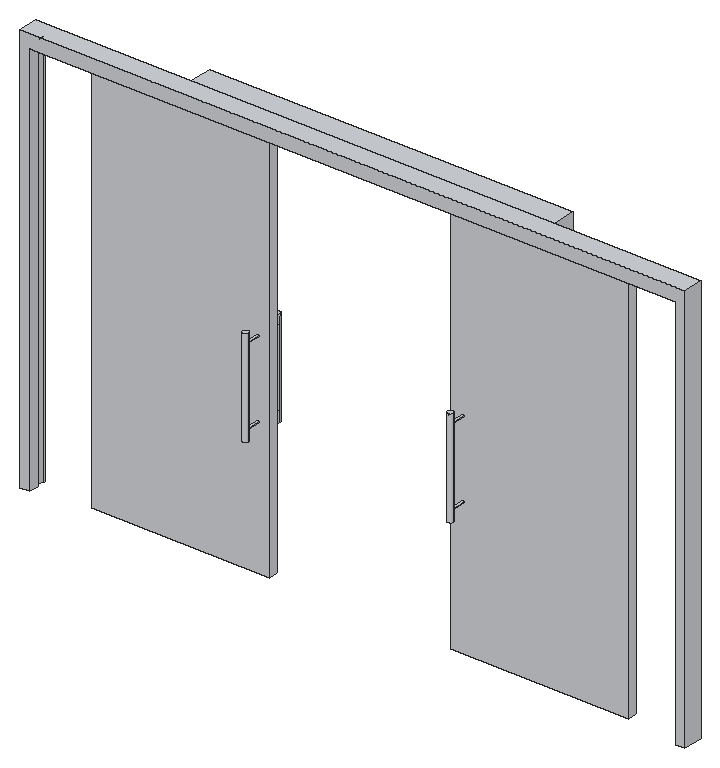
Revit family "Porta de correr sem revestimento - 2 Painéis com painel", category Portas, Revit 2019
Family settings
  Hospedeiro = Parede
  Número OmniClass = 23.30.10.00
  Título OmniClass = Doors
  Sempre na vertical = Sim
  Corte com vazios quando carregada = Não
  Compartilhado = Não
  Ponto de cálculo do ambiente = Não
Parameters (values of type "920 x 2100mm")
  Visual Light Transmittance = 0
  Espessura da apara = 100 mm
  Material da apara = none
  Espessura = 45 mm
  Solar Heat Gain Coefficient = 0
  Material deslizante = none
  Rough Width = Width  # 1880 mm
  Rough Height = Height  # 2100 mm
  Largura do painel = (Width - 40 mm) / 2  # 920 mm
  Material do painel = none
  ID do tipo de construção = ""
  Coeficiente de transferência de calor (U) = 3.7021 W/(m²·K)
  Material do puxador = none
  Função = Interior
  Height = 2100 mm
  Fechamento da parede = Por hospedeiro
  Width = 1880 mm
  Largura da estrutura = 50 mm
  Material da moldura = none
  Largura estendida = Largura do painel - 190 mm  # 730 mm
  Construção analítica = Metal
Types (5, lengths in mm): name | Espessura da apara | Rough Width | Largura do painel | Width | Largura estendida
  (no name) | 100 | 1880 | 920 | 1880 | 730
  620 x 2100mm | 108.355 | 1280 | 620 | 1280 | 430
  720 x 2100mm | 108.355 | 1480 | 720 | 1480 | 530
  820 x 2100mm | 108.355 | 1680 | 820 | 1680 | 630
  920 x 2100mm | 100 | 1880 | 920 | 1880 | 730
Reference planes
  plane 1 "Centro (Frente/Trás)": y = 0
  plane 2 "Centro (Esquerda/Direita)": x = 0
  plane 3 "Esquerda": x = -940
  plane 4 "Direita": x = 940
  plane 5: z = 2100
  plane 6 "Exterior": y = 75
  plane 7 "Interior": y = -75
  plane 8: z = 0
  plane 9: z = 1050
  plane 10: y = -80
  plane 11: y = -125
  plane 12: x = 920
  plane 13: z = 2150
  plane 14: x = 1670
  plane 15: x = -1670
  plane 16: x = -470
  plane 17: x = 470
  plane 18: x = 1390
  plane 19: x = -1390
  plane 20: x = -530
  plane 21: x = 530
  plane 22: z = 900
  plane 23: z = 2050
  plane 24: x = 1720
  plane 25: x = -1720
  plane 26: x = -1680
  plane 27: y = -175
  plane 28: x = 1680
  plane 29: z = 2120
  plane 30: y = -175
  plane 31: x = -890
  plane 32: x = -1077.5
  plane 33: x = -802.5
  plane 34: through (-1077.5, -300, 1050) normal (-0.5, 0, 0.866)
  plane 35: through (-1077.5, -300, 1050) normal (0.5, 0, 0.866)
  plane 36: x = 1077.5
  plane 37: x = 802.5
  plane 38: through (1077.5, -300, 1050) normal (-0.5, 0, -0.866)
  plane 39: through (1077.5, -300, 1050) normal (0.5, 0, -0.866)
Forms (mm)
  Extrusion 1, solid, material <- "Material do painel", detail levels fine
    sketch origin (0, 0, 0) x (1, 0, 0) y (0, 1, 0)
      loop
        line (470, -80) -> (470, -125) -> (1390, -125) -> (1390, -80) -> (470, -80)
    from 0 to 2050
  Extrusion 2, solid, material <- "Material do painel", detail levels medium+fine
    sketch origin (0, 0, 0) x (1, 0, 0) y (0, 1, 0)
      loop
        line (-470, -80) -> (-1390, -80) -> (-1390, -125) -> (-470, -125) -> (-470, -80)
    from 0 to 2050
  Extrusion 3, solid, material <- "Material do painel", detail levels coarse+medium
    sketch origin (0, 0, 0) x (1, 0, 0) y (0, 1, 0)
      loop
        line (-1390, -75) -> (-1390, -125) -> (-470, -125) -> (-470, -75) -> (-1390, -75)
    from 0 to 2100
  Extrusion 4, solid, material <- "Material do painel", detail levels coarse+medium
    sketch origin (0, 0, 0) x (1, 0, 0) y (0, 1, 0)
      loop
        line (470, -75) -> (470, -125) -> (1390, -125) -> (1390, -75) -> (470, -75)
    from 0 to 2100
  Extrusion 5, solid, material <- "Material da moldura", detail levels fine
    sketch origin (0, 0, 0) x (1, 0, 0) y (0, 1, 0)
      loop
        line (-1670, -75) -> (-1720, -75) -> (-1720, -175) -> (-1670, -175) -> (-1670, -125) -> (-1680, -125) -> (-1680, -80) -> (-1670, -80) -> (-1670, -75)
    from 0 to 2100
  Extrusion 6, solid, material <- "Material da moldura", detail levels fine
    sketch origin (0, 0, 0) x (-1, 0, 0) y (0, -1, 0)
      loop
        line (-1670, 75) -> (-1670, 80) -> (-1680, 80) -> (-1680, 125) -> (-1670, 125) -> (-1670, 175) -> (-1720, 175) -> (-1720, 75) -> (-1670, 75)
    from 0 to 2100
  Sweep 7, solid, material <- "Material da moldura", detail levels fine
    path origin (0, 0, 0) x (1, 0, 0) y (0, 1, 0)
      loop
        line (-1720, -80) -> (1720, -80)
    profile origin (0, -80, 0) x (0, 1, 0) y (0, 0, 1)
      loop
        line (5, 2050) -> (5, 2120) -> (-95, 2120) -> (-95, 2050) -> (-45, 2050) -> (-45, 2100) -> (0, 2100) -> (0, 2050) -> (5, 2050)
  Sweep 8, solid, material <- "Material deslizante", detail levels fine
    path origin (0, 0, 2100) x (0, -1, 0) y (1, 0, 0)
      loop
        line (80, -1680) -> (80, 1680)
    profile "Perfil_Deslizante : Perfil_Deslizante" origin (0, -80, 2100) x (0, 1, 0) y (0, 0, 1)
      loop
        line (-15.292, -40) -> (-4.5, -40) -> (-4.5, -5) -> (-39.5, -5) -> (-39.5, -40) -> (-28.708, -40)
        arc (-28.708, -40) -> (-25.998, -38.877) -> (-24.875, -36.167) r 3.833
        line (-24.875, -36.167) -> (-26.875, -36.167)
        arc (-26.875, -36.167) -> (-27.914, -37.819) -> (-29.854, -37.598) r 1.833
        arc (-29.854, -37.598) -> (-30.375, -37) -> (-30.896, -37.598) r 0.526
        arc (-30.896, -37.598) -> (-31.434, -37.897) -> (-32.042, -38) r 1.833
        line (-32.042, -38) -> (-37.5, -38) -> (-37.5, -7) -> (-6.5, -7) -> (-6.5, -38) -> (-11.958, -38)
        arc (-11.958, -38) -> (-12.566, -37.897) -> (-13.104, -37.598) r 1.833
        spline (-13.104, -37.598) -> (-13.105, -37.449) -> (-13.148, -37.306) -> (-13.229, -37.18) -> (-13.342, -37.083) -> (-13.477, -37.021) -> (-13.625, -37) -> (-13.773, -37.021) -> (-13.908, -37.083) -> (-14.021, -37.18) -> (-14.102, -37.306) -> (-14.145, -37.449) -> (-14.146, -37.598)
        arc (-14.146, -37.598) -> (-16.086, -37.819) -> (-17.125, -36.167) r 1.833
        line (-17.125, -36.167) -> (-19.125, -36.167)
        arc (-19.125, -36.167) -> (-18.002, -38.877) -> (-15.292, -40) r 3.833
      loop
        arc (-27.875, -14.083) -> (-28.708, -13.25) -> (-29.542, -14.083) r 0.833
        arc (-29.542, -14.083) -> (-30.375, -14.917) -> (-31.208, -14.083) r 0.833
        arc (-31.208, -14.083) -> (-32.042, -13.25) -> (-32.875, -14.083) r 0.833
        line (-32.875, -14.083) -> (-32.875, -36.167)
        arc (-32.875, -36.167) -> (-32.042, -37) -> (-31.208, -36.167) r 0.833
        arc (-31.208, -36.167) -> (-30.375, -35.333) -> (-29.542, -36.167) r 0.833
        arc (-29.542, -36.167) -> (-28.708, -37) -> (-27.875, -36.167) r 0.833
        line (-27.875, -36.167) -> (-27.875, -26.25) -> (-23.25, -26.25) -> (-23.25, -50) -> (-20.75, -50) -> (-20.75, -26.25) -> (-16.125, -26.25) -> (-16.125, -36.167)
        arc (-16.125, -36.167) -> (-15.292, -37) -> (-14.458, -36.167) r 0.833
        arc (-14.458, -36.167) -> (-13.625, -35.333) -> (-12.792, -36.167) r 0.833
        arc (-12.792, -36.167) -> (-11.958, -37) -> (-11.125, -36.167) r 0.833
        line (-11.125, -36.167) -> (-11.125, -14.083)
        arc (-11.125, -14.083) -> (-11.958, -13.25) -> (-12.792, -14.083) r 0.833
        arc (-12.792, -14.083) -> (-13.625, -14.917) -> (-14.458, -14.083) r 0.833
        arc (-14.458, -14.083) -> (-15.292, -13.25) -> (-16.125, -14.083) r 0.833
        line (-16.125, -14.083) -> (-16.125, -23.75) -> (-27.875, -23.75) -> (-27.875, -14.083)
  Sweep 9, solid, material <- "Material da moldura", detail levels medium+fine
    path origin (0, 75, 0) x (1, 0, 0) y (0, 0, 1)
      loop
        line (940, 0) -> (940, 2100) -> (-940, 2100) -> (-940, 0)
    profile origin (-940, 75, 1050) x (0, -1, 0) y (1, 0, 0)
      loop
        line (0, 0) -> (150, 0) -> (150, 50) -> (0, 50) -> (0, 0)
  Extrusion 10, solid, material <- "Material da moldura", detail levels medium
    sketch origin (0, 0, 0) x (1, 0, 0) y (0, 1, 0)
      loop
        line (-1720, -75) -> (-1720, -175) -> (-1670, -175) -> (-1670, -75) -> (-1720, -75)
    from 0 to 2100
  Extrusion 11, solid, material <- "Material da moldura", detail levels medium
    sketch origin (0, 0, 0) x (1, 0, 0) y (0, 1, 0)
      loop
        line (1670, -75) -> (1670, -175) -> (1720, -175) -> (1720, -75) -> (1670, -75)
    from 0 to 2100
  Extrusion 12, solid, material <- "Material da moldura", detail levels medium
    sketch origin (0, 0, 0) x (0, 1, 0) y (0, 0, 1)
      loop
        line (-75, 2120) -> (-175, 2120) -> (-175, 2050) -> (-125, 2050) -> (-125, 2100) -> (-80, 2100) -> (-80, 2050) -> (-75, 2050) -> (-75, 2120)
    from -1720 to 1720
Cuts and joins
  joined: Extrusion 5, Extrusion 6, Sweep 7
  joined: Extrusion 10, Extrusion 11, Extrusion 12
Lines and regions (mm)
  Opening 1
    outline origin (-3050, -75, 0) x (1, 0, 0) y (0, 0, 1)
      loop
        line (2110, 0) -> (3990, 0) -> (3990, 2100) -> (2110, 2100) -> (2110, 0)
  symbolic lines, style "Giro da elevação", detail levels medium+fine
    curve 1: line (470, -75, 2050) -> (1390, -75, 0)
    curve 2: line (-470, -75, 2050) -> (-1390, -75, 0)
    curve 3: line (-1389.333, -75, 2050) -> (-470, -75, 0)
    curve 4: line (1390, 75, 2050) -> (470, 75, 0)
  symbolic lines, style "Giro da elevação", detail levels coarse
    curve 5: line (470, 75, 0) -> (1390, 75, 2100)
    curve 6: line (1390, 75, 0) -> (470, 75, 2100)
    curve 7: line (-470, 75, 0) -> (-1390, 75, 2100)
    curve 8: line (-470, 75, 2100) -> (-1390, 75, 0)
  symbolic lines, style "Seta"
    curve 9: line (-1077.5, -75, 1050) -> (-802.5, -75, 1050)
    curve 10: line (-1077.5, -75, 1050) -> (-999.558, -75, 1095)
    curve 11: line (-1077.5, -75, 1050) -> (-999.558, -75, 1005)
    curve 12: line (1077.5, -75, 1050) -> (802.5, -75, 1050)
    curve 13: line (1077.5, -75, 1050) -> (999.558, -75, 1095)
    curve 14: line (1077.5, -75, 1050) -> (999.558, -75, 1005)
Text (mm)
  text "Externo" at (-2295.016, 1099.543, 0), in view "Nível de referência"
  text "Externo" at (0, 1615.38, 3698.081), in view "Esquerda"
  text "Externo" at (0, 1036.032, 3874.932), in view "Direita"
Dimensions and locks
  equal spacing: plane 3 "Esquerda", plane 2 "Centro (Esquerda/Direita)", plane 4 "Direita"
  "Width": plane 3 "Esquerda" to plane 4 "Direita"
  "Height": plane 5 to host wall
  host wall to plane 5 = 2100 mm  (x2)
  locked: plane 6 "Exterior" to host wall at 0
  locked: plane 7 "Interior" to host wall
  equal spacing: level, plane 9, plane 5
  locked: plane 7 "Interior" to plane 10 at 5
  "Espessura": plane 10 to plane 11
  locked: plane 13 to plane 5 at 50
  "Largura estendida": plane 4 "Direita" to plane 14
  "Largura estendida": plane 15 to plane 3 "Esquerda"
  equal spacing: plane 3 "Esquerda", plane 16, plane 2 "Centro (Esquerda/Direita)"
  equal spacing: plane 2 "Centro (Esquerda/Direita)", plane 17, plane 4 "Direita"
  "Largura do painel": plane 17 to plane 18
  "Largura do painel": plane 19 to plane 16
  locked: plane 20 to plane 16 at 60
  locked: plane 17 to plane 21 at 60
  locked: plane 8 to plane 22 at 900
  locked: plane 23 to plane 5 at 50
  locked: plane 24 to plane 14 at 50
  locked: plane 15 to plane 25 at 50
  level to host wall = 4000 mm
  locked: plane 26 to plane 15 at 10
  locked: plane 14 to plane 28 at 10
  "Espessura da apara": host wall to plane 30
  "Espessura da apara": plane 27 to plane 7 "Interior"
  locked: plane 29 to plane 5 at 20
  "Largura da estrutura": plane 3 "Esquerda" to plane 31
  locked: plane 32 to plane 33 at 275
  equal spacing: plane 32, plane 3 "Esquerda", plane 33
  locked: curve 10 to curve 10 at 90
  locked: curve 11 to curve 11 at 90
  locked: plane 36 to plane 37 at 275
  equal spacing: plane 36, plane 4 "Direita", plane 37
  locked: curve 13 to curve 13 at 90
  locked: curve 14 to curve 14 at 90
  locked: plane 9 to plane 34 (angle 30.00°)
  locked: plane 35 to plane 9 (angle 30.00°)
  locked: plane 38 to plane 9 (angle 30.00°)
  locked: plane 9 to plane 39 (angle 30.00°)
  aligned and locked: plane 3 "Esquerda" to Opening 1 sketch curve
  aligned and locked: plane 5 to Opening 1 sketch curve  (x2)
  aligned and locked: Opening 1 sketch curve to plane 4 "Direita"
  aligned and locked: Opening 1 sketch curve to level
  aligned and locked: host wall to plane 1 "Centro (Frente/Trás)"
  aligned and locked: level to plane 8
  aligned and locked: plane 18 to Extrusion 1
  aligned and locked: Extrusion 1 to plane 17
  aligned and locked: level to curve 1
  aligned and locked: plane 18 to curve 1
  aligned and locked: plane 17 to curve 1
  aligned and locked: plane 16 to Extrusion 2  (x2)
  aligned and locked: plane 10 to Extrusion 2
  aligned and locked: Extrusion 2 to plane 11
  aligned and locked: Extrusion 2 to plane 19
  aligned and locked: level to curve 2
  aligned and locked: plane 19 to curve 2
  aligned and locked: level to curve 3
  aligned and locked: plane 16 to curve 3
  aligned and locked: plane 16 to curve 2
  aligned and locked: plane 20 to nested 1
  aligned and locked: plane 11 to nested 1
  aligned and locked: plane 21 to nested 2
  aligned and locked: plane 22 to nested 2
  aligned and locked: plane 22 to nested 1
  aligned and locked: plane 11 to nested 2
  aligned and locked: nested 1 to plane 11
  aligned and locked: Extrusion 2 to plane 23
  aligned and locked: Extrusion 1 to plane 23
  aligned and locked: plane 23 to curve 1
  aligned and locked: plane 17 to Extrusion 1
  aligned and locked: plane 18 to curve 4
  aligned and locked: plane 23 to curve 4
  aligned and locked: plane 17 to curve 4
  aligned and locked: plane 8 to curve 4
  aligned and locked: plane 23 to curve 3
  aligned and locked: plane 23 to curve 2
  aligned and locked: plane 7 "Interior" to Extrusion 3 sketch curve
  aligned and locked: plane 11 to Extrusion 3 sketch curve
  aligned and locked: Extrusion 3 sketch curve to plane 16
  aligned and locked: plane 19 to Extrusion 3 sketch curve
  aligned and locked: plane 7 "Interior" to Extrusion 4 sketch curve
  aligned and locked: plane 17 to Extrusion 4 sketch curve
  aligned and locked: Extrusion 4 sketch curve to plane 18
  aligned and locked: plane 11 to Extrusion 4 sketch curve
  aligned and locked: Extrusion 4 to plane 5
  aligned and locked: Extrusion 3 to plane 5
  aligned and locked: Extrusion 4 to plane 8
  aligned and locked: Extrusion 3 to plane 8
  aligned and locked: plane 18 to curve 5
  aligned and locked: plane 5 to curve 5
  aligned and locked: plane 17 to curve 6
  aligned and locked: plane 5 to curve 6
  aligned and locked: plane 18 to Extrusion 4
  aligned and locked: plane 8 to Extrusion 4
  aligned and locked: plane 17 to Extrusion 4
  aligned and locked: plane 16 to curve 8
  aligned and locked: plane 5 to curve 8
  aligned and locked: plane 19 to curve 7
  aligned and locked: plane 5 to curve 7
  aligned and locked: plane 19 to Extrusion 3
  aligned and locked: plane 8 to curve 8
  aligned and locked: plane 16 to curve 7
  aligned and locked: plane 8 to curve 7
  aligned and locked: Extrusion 5 sketch curve to plane 7 "Interior"
  aligned and locked: Extrusion 5 sketch curve to plane 25
  aligned and locked: Extrusion 5 sketch curve to plane 27
  aligned and locked: Extrusion 5 sketch curve to Extrusion 3
  aligned and locked: Extrusion 5 sketch curve to plane 26
  aligned and locked: Extrusion 5 sketch curve to plane 15  (x2)
  aligned and locked: Extrusion 5 sketch curve to plane 10
  aligned and locked: Extrusion 5 to plane 5
  aligned and locked: plane 7 "Interior" to Extrusion 6
  aligned and locked: Extrusion 6 to plane 14  (x2)
  aligned and locked: plane 24 to Extrusion 6
  aligned and locked: Extrusion 6 to plane 10
  aligned and locked: plane 11 to Extrusion 6
  aligned and locked: plane 28 to Extrusion 6
  aligned and locked: Extrusion 6 to plane 5
  aligned and locked: Sweep 7 sketch curve to plane 30
  aligned and locked: Sweep 7 sketch curve to plane 11
  aligned and locked: Sweep 8 sketch curve to plane 10
  aligned and locked: plane 28 to Sweep 8 sketch curve
  aligned and locked: plane 26 to Sweep 8 sketch curve
  aligned and locked: plane 23 to cut or joined group of Extrusion 5, Extrusion 6, Sweep 7
  aligned and locked: plane 23 to Sweep 8  (x2)
  aligned and locked: plane 5 to Extrusion 3
  aligned and locked: plane 29 to cut or joined group of Extrusion 5, Extrusion 6, Sweep 7
  aligned and locked: Extrusion 6 sketch curve to plane 14
  aligned and locked: Extrusion 6 sketch curve to plane 24
  aligned and locked: Extrusion 6 sketch curve to plane 28
  aligned and locked: plane 23 to Extrusion 2
  aligned and locked: plane 3 "Esquerda" to Sweep 9 sketch curve
  aligned and locked: plane 4 "Direita" to Sweep 9 sketch curve
  aligned and locked: Sweep 9 sketch curve to plane 5
  aligned and locked: plane 6 "Exterior" to Sweep 9 sketch curve
  aligned and locked: Sweep 9 sketch curve to plane 3 "Esquerda"
  aligned and locked: Sweep 9 sketch curve to plane 7 "Interior"
  aligned and locked: plane 31 to Sweep 9 sketch curve
  aligned and locked: curve 9 to plane 9
  aligned and locked: curve 11 to plane 35
  aligned and locked: plane 9 to curve 12
  aligned and locked: curve 14 to plane 39
  aligned and locked: plane 7 "Interior" to Extrusion 10 sketch curve
  aligned and locked: plane 25 to Extrusion 10 sketch curve
  aligned and locked: plane 27 to Extrusion 10 sketch curve
  aligned and locked: Extrusion 10 sketch curve to plane 15
  aligned and locked: plane 7 "Interior" to Extrusion 11 sketch curve
  aligned and locked: Extrusion 11 sketch curve to plane 24
  aligned and locked: plane 14 to Extrusion 11 sketch curve
  aligned and locked: plane 27 to Extrusion 11 sketch curve
  aligned and locked: Extrusion 10 to plane 5
  aligned and locked: Extrusion 11 to plane 5
  aligned and locked: Extrusion 11 to plane 8
  aligned and locked: Extrusion 10 to plane 8
  aligned and locked: host wall to Extrusion 12 sketch curve
  aligned and locked: plane 29 to Extrusion 12 sketch curve
  aligned and locked: plane 30 to Extrusion 12 sketch curve
  aligned and locked: plane 23 to Extrusion 12 sketch curve
  aligned and locked: plane 5 to Extrusion 12 sketch curve
  aligned and locked: plane 10 to Extrusion 12 sketch curve
  aligned and locked: plane 11 to Extrusion 12 sketch curve
  aligned and locked: Extrusion 12 to plane 25
  aligned and locked: plane 24 to Extrusion 12
  aligned and locked: nested 3 to Sweep 8  (x2)
Automatic sketch dimensions
  curve 8 to plane 19 = 0 mm
  curve 6 to level = 0 mm
  curve 6 to plane 18 = 0 mm
  Extrusion 1 sketch curve to plane 11 = 0 mm
  Extrusion 1 sketch curve to plane 17 = 0 mm
  Extrusion 1 sketch curve to plane 18 = 0 mm
  Extrusion 1 sketch curve to plane 10 = 0 mm
  plane 34 to curve 10 = 0 mm
  curve 9 to plane 33 = 0 mm
  plane 37 to curve 12 = 0 mm
  curve 13 to plane 38 = 0 mm
  plane 19 to curve 3 = 0.667 mm
  Extrusion 2 sketch curve to plane 10 = 0 mm
  Extrusion 2 sketch curve to plane 19 = 0 mm
  Extrusion 2 sketch curve to plane 11 = 0 mm
  Extrusion 2 sketch curve to plane 16 = 0 mm
  host wall to Extrusion 6 sketch curve = 0 mm
  Extrusion 6 sketch curve to plane 14 = 0 mm
  Extrusion 6 sketch curve to plane 27 = 0 mm
  Extrusion 6 sketch curve to plane 11 = 0 mm
  Extrusion 6 sketch curve to plane 10 = 0 mm
  Sweep 7 sketch curve to plane 10 = 0 mm
  Sweep 7 sketch curve to plane 25 = 0 mm
  Sweep 7 sketch curve to plane 24 = 0 mm
  Sweep 7 sketch curve to profile plane = 0 mm
  Sweep 7 sketch curve to profile plane = 5 mm
  level to Sweep 7 sketch curve = 2050 mm
  Sweep 7 sketch curve to Sweep 7 sketch curve = 0 mm
  Sweep 7 sketch curve to Sweep 7 sketch curve = 50 mm
  Sweep 7 sketch curve to Sweep 7 sketch curve = 20 mm
  Sweep 9 sketch curve to level = 0 mm  (x2)
  Extrusion 12 sketch curve to plane 23 = 0 mm
Nested families
  nested 1: "Maçaneta da porta 4" at (-530, -102.5, 900), type "Altura 500 mm", detail levels fine
  nested 2: "Maçaneta da porta 4" at (530, -102.5, 900), type "Altura 500 mm", detail levels fine
  nested 3: "Deslizante_H" at (1560, -102, 2095), type "Deslizante_H", detail levels medium
Definition of nested family "Maçaneta da porta 4"
  Parameters
    Espessura do painel = 45 mm
    Material do puxador = none
    Raio do puxador = 15 mm
    Altura do puxador = 500 mm
    Profundidade do puxador = 80 mm
    Raio do conector = 5 mm
    Altura do conector = Altura do puxador - 100 mm  # 400 mm
    Assembly Code = ""
  Reference planes
    plane 1 "Centro (Frente/Trás)": y = 0
    plane 2: z = 0
    plane 3 "Centro (Esquerda/Direita)": x = 0
    plane 4: z = 250
    plane 5: y = -102.5
    plane 6: z = -250
    plane 7: z = 200
    plane 8: z = -200
    plane 9: y = -22.5
    plane 10: y = 22.5
    plane 11: y = 102.5
  Forms (mm)
    Extrusion 1, solid, material <- "Material do puxador"
      sketch origin (0, -30.569, 0) x (1, 0, 0) y (0, 1, 0)
        loop
          circle (0, -71.931) r 15
      from -250 to 250
    Extrusion 2, solid, material <- "Material do puxador"
      sketch origin (0, 0, 0) x (1, 0, 0) y (0, 0, 1)
        loop
          circle (0, 200) r 5
        loop
          circle (0, -200) r 5
      from 22.5 to 102.5
    Extrusion 3, solid, material <- "Material do puxador"
      sketch origin (0, 0, 0) x (1, 0, 0) y (0, 0, -1)
        loop
          circle (0, -200) r 5
        loop
          circle (0, 200) r 5
      from 22.5 to 102.5
    Extrusion 4, solid, material <- "Material do puxador"
      sketch origin (0, 30.569, 0) x (1, 0, 0) y (0, 1, 0)
        loop
          circle (0, 71.931) r 15
      from -250 to 250
  Dimensions and locks
    equal spacing: plane 4, plane 2, plane 6
    "Altura do puxador": plane 4 to plane 6
    equal spacing: plane 7, plane 2, plane 8
    "Altura do conector": plane 7 to plane 8
    equal spacing: plane 9, plane 1 "Centro (Frente/Trás)", plane 10
    "Profundidade do puxador": plane 9 to plane 5
    "Profundidade do puxador": plane 10 to plane 11
    "Espessura do painel": plane 9 to plane 10
    "Raio do puxador": radius of Extrusion 1 sketch curve
    "Raio do conector": radius of Extrusion 2 sketch curve  (x2)
    "Raio do conector": radius of Extrusion 3 sketch curve  (x2)
    "Raio do puxador": radius of Extrusion 4 sketch curve
    aligned and locked: plane 6 to Extrusion 1
    aligned and locked: plane 4 to Extrusion 1
    aligned: Extrusion 2 to plane 5
    aligned and locked: Extrusion 2 to plane 5  (x2)
    aligned and locked: plane 9 to Extrusion 2
    aligned and locked: plane 5 to Extrusion 1 sketch curve
    aligned and locked: plane 3 "Centro (Esquerda/Direita)" to Extrusion 1 sketch curve
    aligned and locked: Extrusion 2 to plane 9  (x2)
    aligned and locked: plane 10 to Extrusion 3
    aligned and locked: Extrusion 3 to plane 11
    aligned and locked: plane 11 to Extrusion 4 sketch curve
    aligned and locked: plane 3 "Centro (Esquerda/Direita)" to Extrusion 4 sketch curve
    aligned and locked: plane 4 to Extrusion 4
    aligned and locked: plane 6 to Extrusion 4
  Automatic sketch dimensions
    Extrusion 2 sketch curve to plane 3 "Centro (Esquerda/Direita)" = 0 mm  (x2)
    Extrusion 2 sketch curve to plane 8 = 0 mm
    Extrusion 2 sketch curve to plane 7 = 0 mm
    Extrusion 3 sketch curve to plane 3 "Centro (Esquerda/Direita)" = 0 mm  (x2)
    Extrusion 3 sketch curve to plane 7 = 0 mm
    Extrusion 3 sketch curve to plane 8 = 0 mm
Definition of nested family "Deslizante_H"
  Reference planes
    plane 1 "Centro (Frente/Trás)": y = 0
    plane 2: z = 0
    plane 3 "Centro (Esquerda/Direita)": x = 0
  Lines and regions (mm)
    symbolic lines
      curve 1: line (0, -17.5, 0) -> (0, 17.5, 0)
      curve 2: line (0, 17.5, 0) -> (0, 17.5, -35)
      curve 3: line (0, 17.5, -35) -> (0, 1.25, -35)
      curve 4: line (0, -17.5, -35) -> (0, -17.5, 0)
      curve 5: line (0, -1.25, -35) -> (0, -17.5, -35)
      curve 6: line (0, -1.25, -35) -> (0, -1.25, -45)
      curve 7: line (0, 1.25, -45) -> (0, 1.25, -25)
      curve 8: line (0, -1.25, -35) -> (0, -1.25, -25)
      curve 9: line (0, -1.25, -25) -> (0, 1.25, -25)
      curve 10: line (0, 1.25, -45) -> (0, -1.25, -45)
  Dimensions and locks
    aligned and locked: level to plane 2
